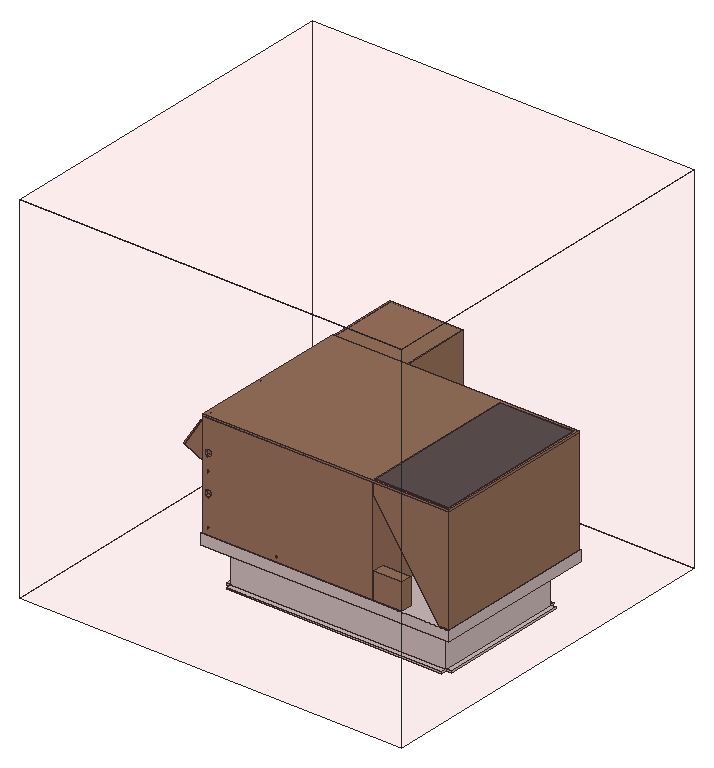
Revit family "Air_Conditioner-Package_Rooftop-End_Return Z(R,K) 6.5-7.5T,  Z(H,U,J,W, R,K) 3-5T", category Mechanical Equipment, Revit 2023
Family settings
  Round Connector Dimension = Use Radius
  Part Type = Normal
  Work Plane-Based = No
  Always vertical = Yes
  Cut with Voids When Loaded = No
  Maintain Annotation Orientation = No
  Shared = No
  Room Calculation Point = No
Parameters (values of type "3-10 Ton - Gas Heat")
  Width = 59"
  Voltage = 0 V
  URL = "http://www.johnsoncontrols.com/publish/us/en.html"
  Top Economizer Hood [instance] = yes
  Supply Fan Full Load Current = 0 A
  Supply Air Connection Width [instance] = if(Roof Curb, 21", if(Height = 42", 27 1/2", 28 1/4"))  # 21"
  Supply Air Connection Height [instance] = if(Roof Curb, 24", 18 1/4")  # 24"
  Supply Air Connection Description = "Supply Air"  # constant formula
  Slab Mount [instance] = not(Roof Curb)  # no
  Serial Number [instance] = ""
  Seasonal Energy Efficiency Rating = 80  # constant formula
  Roof Curb 8 Inch [instance] = no
  Roof Curb 14 Inch [instance] = yes
  Roof Curb [instance] = yes
  Return Air Wet Bulb Temperature [instance] = 62 °F
  Return Air Dry Bulb Temperature [instance] = 65 °F
  Return Air Connection Width [instance] = 30 11/32"
  Return Air Connection Height [instance] = 18 7/8"
  Return Air Connection Description = "Return Air"  # constant formula
  Refrigerant Charge System Two = 0.00 lbf
  Refrigerant Charge System One = 0.00 lbf
  Product Page URL = "http://www.johnsoncontrols.com/publish/us/en/products/building_efficiency/integrated_hvac_systems/Industrial___Commercial_HVAC_Equipment/single-package_units/series_10.html"
  Product Documentation Link = ""
  Power Factor = 1  # constant formula
  Power Exhaust Full Load Current = 0 A
  Outside Air Intake Hood [instance] = yes
  Outdoor Ambient Temperature [instance] = 75 °F
  Operating Weight = 0.00 lbf
  OmniClass Title = "Packaged Air Conditioners"  # constant formula
  OmniClass Number = "23.75.10.24.21.27.11"  # constant formula
  OD Fan Motor Full Load Current = 0 A
  Number of Poles = 3
  Nominal Cooling Capacity = 0.0 ton
  Nominal Air Flow = 0 CFM
  Model = "JA3ZHA2"
  Minimum Circuit Current = 0 A
  Minimum Applied Voltage = 0 V
  Maximum Overcurrent Protection = 0 A
  Maximum Applied Voltage = 0 V
  Manufacturer = "Johnson Controls, Inc."  # constant formula
  Length = 89"
  Keynote = "15700"
  Integrated Part Load Value = 0
  Height = 42"
  Gas Heating Output [instance] = 0 Btu/h
  Gas Heating Input [instance] = 0 Btu/h
  Gas Connection Radius = if(1 = 1, Gas Connection Diameter / 2, 0")  # 3/8"
  Gas Connection Diameter = 3/4"
  Gas Connection Description = "Gas Supply Connection"  # constant formula
  Frequency = 60 Hz  # constant formula
  Frame Material = Metal - JCI - Steel - Galvanized With Wood Nailer
  Frame Finish = Paint - JCI - Powder Coated - Champagne
  Filter Size and Quantity = ""
  Family Revision Date = "06/11/2010"  # constant formula
  External Static Pressure [instance] = 0.00 in-wg
  Evaporator Coil Row Count = 3  # constant formula
  Evaporator Coil Fins per Inch = 15  # constant formula
  Energy Efficiency Rating = 0
  Electrical Connection Description = "Power Wiring Connection"  # constant formula
  Economizer Hood Length = 30 11/32"
  Economizer Hood Height = if(1 = 1, (Height - 4 1/4") / 2, 0")  # 18 7/8"
  Economizer Hood Depth = 26"
  Design Supply Air Flow [instance] = 0 CFM
  Description = "Air Handling Unit, Commercial Comfort Systems, Series 10, Gas, 3-10 Ton Unit"  # constant formula
  Default Elevation = 0"
  Copyright © = "Copyright © 2008 by Johnson Controls, Inc."  # constant formula
  Convenience Outlet Voltage [instance] = if(Convenience Outlet, 120 V, 0 V)  # 120 V
  Convenience Outlet Electrical Connection Description = "Convenience Power Wiring Connection"  # constant formula
  Convenience Outlet [instance] = yes
  Condensate Drain Connection Radius = if(1 = 1, Condensate Drain Connection Diameter / 2, 0")  # 3/8"
  Compressor Maximum Continuous Current = 0 A
  CTRL Supply Connection Offset [instance] = if(Roof Curb, CTRL Supply Air Center Elevation, 18 13/16" - 1/2")  # 17 5/32"
  Curb Width = 50 1/2"
  Curb Type [instance] = Commercial_Comfort_Systems-Series_10-Johnson_Control-Curb : Roof Curb
  Curb Material = Metal - JCI - Steel - Galvanized With Wood Nailer
  Curb Length = 80 5/8"
  Curb Height [instance] = 14"
  Convenience Outlet Full Load Current = 0 A
  Controls Connection Description = "Control Wiring Connection"  # constant formula
  Condenser Fan Type = "Propeller"  # constant formula
  Condenser Fan Quantity = 2  # constant formula
  Condenser Fan Diameter = 24"  # constant formula
  Condenser Coils System Two Rows = 0
  Condenser Coils System One Rows = 0
  Condenser Coil Fins per Inch = 20  # constant formula
  Condensate Drain Connection Diameter = 3/4"
  Condensate Drain Connection Description = "Condensate Drain Connection"  # constant formula
  Compressor Type = "Recip"  # constant formula
  Compressor Running Load Current = 0 A
  Compressor Quantity = 2  # constant formula
  Compressor Locked Rotor Current = 0 A
  Clearance Top = 72"
  Clearance Right = 12"
  Clearance Left = 36"
  Clearance Front = 36"
  Clearance Bottom [instance] = if(Roof Curb, Curb Height, 0")  # 14"
  Clearance Back = 36"
  Clearance [instance] = Include Clearance : Include Clearance
  CTRL Supply Connection Angle [instance] = if(Roof Curb, 90.00°, 0.00°)  # 90.00°
  CTRL Supply Air Center Elevation [instance] = 5 5/32" + (Supply Air Connection Height / 2)  # 17 5/32"
  CTRL Supply Air Center [instance] = if(Roof Curb, 32 11/16" + Supply Air Connection Width / 2, 31 11/16" + Supply Air Connection Width / 2)  # 43 3/16"
  CTRL Elevation [instance] = if(Roof Curb, Curb Height, 0")  # 14"
  CTRL Connection Angle [instance] = if(Roof Curb, 90.00°, 0.00°)  # 90.00°
  CTRL Bottom Supply Center = 18 13/16"  # constant formula
  Bottom Economizer Hood [instance] = yes
  Assembly Code = "D3060300"
  Air Temperature On Condenser Coil [instance] = 0 °F
  Air On Evaporator Wet Bulb Temperature [instance] = 0 °F
  Air On Evaporator Flow [instance] = 0 CFM
  Actual Supply Air Flow [instance] = 0 CFM
  Actual Return Air Flow [instance] = 0 CFM
  Actual Heater Gas Flow [instance] = 0 GPM
  Actual Condensate Drain Flow [instance] = 0 GPM
Reference planes (in)
  plane 1 "Center (Front/Back)": y = 0
  plane 2 "Bottom": z = 0
  plane 3 "Center (Left/Right)": x = 0
  plane 4 "Back": y = 29.5
  plane 5 "Front": y = -29.5
  plane 6 "Left": x = -44.5
  plane 7 "Right": x = 44.5
  plane 8 "Top": z = 56
  plane 9 "Curb Top": z = 14
  plane 10 "Frame Front": y = -29
  plane 11 "Condenser Back": x = 16.6875
  plane 12 "Frame Left": x = -44
  plane 13 "Frame Back": y = 29
  plane 14 "Base Rail": z = 17.75
  plane 15 "Frame Top": z = 55.5
  plane 16 "Hood Back": y = 25.25
  plane 17 "Economizer Hood Center": z = 36.625
  plane 18 "Return Air Center": x = -28.6875
  plane 19 "Supply Air Center": x = -1.3125
  plane 20 "Bottom Supply Air Center": y = 10.6875
  plane 21 "Return Center": y = 10.07813
  plane 22 "Supply Air Center Elevation": z = 31.15625
  plane 23 "Return Air Center Elevation": z = 27.1875
  plane 24 "Hood Front": y = -5.09375
  plane 25 "Frame Left Offset": x = -43.5
Forms (in)
  Revolve 1, void, detail levels fine
    sketch origin (-1.3125, 0, 0) x (0, -1, 0) y (0, 0, 1)
      loop
        line (-10.6875, 14) -> (-10.4375, 14) -> (-10.4375, 14.25) -> (-10.6875, 14.25) -> (-10.6875, 14)
      axis (-10.6875, 14.25) -> (-10.6875, 14)
    angle from 0 to 360
  Extrusion 2, void, detail levels fine
    sketch origin (-1.3125, 0, 0) x (0, -1, 0) y (0, 0, 1)
      loop
        circle (-10.07812, 27.1875) r 0.25
    from 27.375 to 42.6875
  Extrusion 3, solid, material "Paint - JCI - Powder Coated - Champagne" <- "Frame Finish", detail levels medium+fine
    sketch origin (-43.5, 0, 0) x (0, -1, 0) y (0, 0, 1)
      loop
        line (-25.25, 55.5) -> (-25.25, 36.625) -> (5.09375, 36.625) -> (5.09375, 55.5) -> (-25.25, 55.5)
    from 0 to 0.5
Dimensions and locks (in)
  equal spacing: plane 5 "Front", plane 1 "Center (Front/Back)", plane 4 "Back"
  "Width": plane 5 "Front" to plane 4 "Back"
  equal spacing: plane 6 "Left", plane 3 "Center (Left/Right)", plane 7 "Right"
  "Length": plane 6 "Left" to plane 7 "Right"
  "CTRL Elevation": plane 9 "Curb Top" to plane 2 "Bottom"
  "Height": plane 8 "Top" to plane 9 "Curb Top"
  locked: plane 5 "Front" to plane 10 "Frame Front" at 0.5
  locked: connector elem to plane 6 "Left" at 27
  locked: plane 9 "Curb Top" to connector elem at 5.375
  locked: connector elem to plane 6 "Left" at 2.5  (x3)
  locked: plane 9 "Curb Top" to connector elem at 17.1875
  locked: plane 9 "Curb Top" to connector elem at 24.1875
  locked: plane 11 "Condenser Back" to plane 7 "Right" at 27.8125
  locked: connector elem to plane 5 "Front" at 5.75
  locked: plane 9 "Curb Top" to connector elem at 21.5625
  locked: plane 6 "Left" to plane 12 "Frame Left" at 0.5
  locked: plane 4 "Back" to plane 13 "Frame Back" at 0.5
  locked: plane 14 "Base Rail" to plane 9 "Curb Top" at 3.75
  locked: plane 4 "Back" to plane 16 "Hood Back" at 4.25
  "Economizer Hood Height": plane 17 "Economizer Hood Center" to plane 14 "Base Rail"
  "Economizer Hood Height": plane 15 "Frame Top" to plane 17 "Economizer Hood Center"
  locked: plane 6 "Left" to plane 18 "Return Air Center" at 15.8125
  "CTRL Supply Air Center": plane 6 "Left" to plane 19 "Supply Air Center"
  locked: plane 4 "Back" to plane 20 "Bottom Supply Air Center" at 18.8125
  locked: plane 4 "Back" to plane 21 "Return Center" at 19.42188
  "CTRL Supply Air Center Elevation": plane 9 "Curb Top" to plane 22 "Supply Air Center Elevation"
  "CTRL Supply Connection Offset": Revolve 1 sketch curve to Revolve 1 sketch curve
  locked: Revolve 1 sketch curve to Revolve 1 sketch curve at 0.25  (x2)
  equal spacing: plane 14 "Base Rail", plane 23 "Return Air Center Elevation", plane 17 "Economizer Hood Center"
  locked: Extrusion 2 sketch curve to plane 21 "Return Center" at 0.25
  locked: Extrusion 2 sketch curve to plane 23 "Return Air Center Elevation" at 0.25
  locked: plane 9 "Curb Top" to connector elem at 6.1875
  locked: plane 21 "Return Center" to plane 24 "Hood Front" at 15.17188
  locked: plane 12 "Frame Left" to plane 25 "Frame Left Offset" at 0.5
  "CTRL Supply Connection Angle": angle plane 22 "Supply Air Center Elevation" to Revolve 1 sketch curve
  locked: Revolve 1 sketch curve to Revolve 1 sketch curve (angle 90.00°)  (x3)
  aligned and locked: plane 1 "Center (Front/Back)" to nested 1
  aligned and locked: nested 1 to plane 9 "Curb Top"
  aligned and locked: plane 1 "Center (Front/Back)" to nested 2
  aligned and locked: plane 3 "Center (Left/Right)" to nested 2
  aligned and locked: nested 3 to plane 13 "Frame Back"
  aligned and locked: nested 3 to plane 12 "Frame Left"
  aligned and locked: plane 15 "Frame Top" to nested 3
  aligned and locked: nested 4 to plane 12 "Frame Left"
  aligned and locked: nested 5 to plane 1 "Center (Front/Back)"
  aligned and locked: nested 5 to plane 3 "Center (Left/Right)"
  aligned and locked: nested 5 to plane 9 "Curb Top"
  aligned and locked: plane 2 "Bottom" to nested 2
  aligned and locked: nested 1 to plane 6 "Left"
  aligned and locked: plane 20 "Bottom Supply Air Center" to Revolve 1 sketch curve
  aligned and locked: plane 22 "Supply Air Center Elevation" to Revolve 1 sketch curve
  aligned and locked: Revolve 1 sketch curve to Revolve 1 sketch curve  (x2)
  aligned and locked: plane 12 "Frame Left" to Extrusion 2
  aligned and locked: Extrusion 2 to plane 18 "Return Air Center"
  aligned and locked: nested 4 to plane 17 "Economizer Hood Center"
  aligned and locked: nested 4 to plane 14 "Base Rail"
  aligned and locked: plane 23 "Return Air Center Elevation" to nested 4
  aligned and locked: nested 4 to plane 21 "Return Center"
  aligned and locked: Extrusion 3 sketch curve to plane 15 "Frame Top"
  aligned and locked: plane 24 "Hood Front" to Extrusion 3 sketch curve
  aligned and locked: Extrusion 3 sketch curve to plane 17 "Economizer Hood Center"
  aligned and locked: Extrusion 3 sketch curve to plane 16 "Hood Back"
  aligned and locked: plane 12 "Frame Left" to Extrusion 3
Automatic sketch dimensions
  Extrusion 2 sketch curve to plane 23 "Return Air Center Elevation" = 0"
Nested families (in)
  nested 1: "Commercial_Comfort_Systems-Series_10-Johnson_Control-One_Condenser" at (0, 0, 14), type "One Condenser"
  nested 2: "Commercial_Comfort_Systems-Series_10-Johnson_Control-Curb" at (0, 0, 0), type <- "Curb Type", visible <- "Roof Curb", type "Roof Curb"
    with Supply Air Width 22"
  nested 3: "Commercial_Comfort_Systems-Series_10-Johnson_Control-Outdoor_Air_Hood" at (-31, 41.875, 19.75) x (-1, 0, 0) z (0, 0, 1), visible <- "Outside Air Intake Hood", type "Outdoor Air Intake Hood"
  nested 4: "Commercial_Comfort_Systems-Series_10-Johnson_Control-Hood" at (-57, 10.07813, 17.75) x (0, -1, 0) z (0, 0, 1), Hood <- "Top Economizer Hood", type "Hood"
    with Open Hole yes, No Hood no, Hood yes, Length 30 11/32"
  nested 5: "Include Clearance" at (0, 0, 14), type <- "Clearance", type "Include Clearance"
    with Width 89", Height 42", Depth 59", Clearance Top 72", Clearance Right 12", Clearance Left 36", Clearance Front 36", Clearance Bottom 14", Clearance Back 36"
Connectors (in)
  piping at (-17.5, -29, 19.375), diameter 0.75, driven by "Actual Condensate Drain Flow", driven by "Condensate Drain Connection Radius", driven by "Condensate Drain Connection Description"
    settings: index 3, connector inside diameter 3/4", connector length 0", flow factor 0, pipe flow 0 GPM, pressure drop 0.00 psi, fitting loss kfactor 0, connector angle 0.00°, fixture units 0, engagement length 0", angle of deflection 0.00°, flow configuration 1, flow direction 2, fitting loss method 0, system type 16, joint type 0, gender type 0, connector reference index -1, connector utility 0, adjustable connector yes, is connector primary yes, connector description "Condensate Drain Connection"
  electrical at (-42, -29, 31.1875), driven by "Power Factor", driven by "Voltage", driven by "Number of Poles", driven by "Electrical Connection Description"
    settings: index 4, voltage 0 V, apparent load 0 VA, apparent load phase1 0 VA, apparent load phase2 0 VA, apparent load phase3 0 VA, power factor 1, load classification "HVAC", number of poles 3, system type 30, power factor state 1, is connector primary yes, connector utility no, sub classification motor no, connector description "Power Wiring Connection"
  electrical at (-42, -29, 38.1875), driven by "Controls Connection Description"
    settings: index 5, voltage 0 V, apparent load 0 VA, apparent load phase1 0 VA, apparent load phase2 0 VA, apparent load phase3 0 VA, power factor 1, load classification "Other", number of poles 1, system type 13, power factor state 1, is connector primary no, connector utility no, sub classification motor no, connector description "Control Wiring Connection"
  piping at (16.6875, -23.75, 35.5625), diameter 0.75, driven by "Actual Heater Gas Flow", driven by "Gas Connection Radius", driven by "Gas Connection Description"
    settings: index 6, connector inside diameter 3/4", connector length 0", flow factor 0, pipe flow 0 GPM, pressure drop 0.00 psi, fitting loss kfactor 0, connector angle 0.00°, fixture units 0, engagement length 0", angle of deflection 0.00°, flow configuration 1, flow direction 1, fitting loss method 0, system type 22, joint type 0, gender type 0, connector reference index -1, connector utility 0, adjustable connector no, is connector primary no, connector description "Gas Supply Connection"
  hvac at (-1.3125, 10.6875, 14), driven by "Supply Air Connection Width", driven by "Supply Air Connection Height", driven by "Actual Supply Air Flow", driven by "Supply Air Connection Description"
    settings: on Revolve 1, index 9, duct flow 0 CFM, flow factor 0, pres drop 0.00 in-wg, loss coef 0, conn angle 0.00°, conn width 21", conn height 24", conn diameter 24", duct sys type 1, conn prof type 1, flow config 0, flow direction 1, loss method 0, conn ref index -1, conn util no, is conn primary yes, conn desc "Supply Air"
  hvac at (-44, 10.07812, 27.1875), driven by "Return Air Connection Height", driven by "Return Air Connection Width", driven by "Actual Return Air Flow", driven by "Return Air Connection Description"
    settings: on Extrusion 2, index 10, duct flow 0 CFM, flow factor 0, pres drop 0.00 in-wg, loss coef 0, conn angle 0.00°, conn width 30 11/32", conn height 18 7/8", conn diameter 24", duct sys type 2, conn prof type 1, flow config 0, flow direction 1, loss method 0, conn ref index -1, conn util no, is conn primary no, conn desc "Return Air"
  electrical at (-42, -29, 20.1875), driven by "Power Factor", driven by "Convenience Outlet Voltage", driven by "Convenience Outlet Electrical Connection Description"
    settings: index 11, voltage 120 V, apparent load 0 VA, apparent load phase1 0 VA, apparent load phase2 0 VA, apparent load phase3 0 VA, power factor 1, load classification "Power", number of poles 1, system type 30, power factor state 0, is connector primary no, connector utility no, sub classification motor no, connector description "Convenience Power Wiring Connection"
Definition of nested family "Commercial_Comfort_Systems-Series_10-Johnson_Control-One_Condenser"
  Parameters
    Width = 59"
    Side Supply Air Width = 27 1/2"
    Side Supply Air Height = 18 1/4"
    Side Supply Air = no
    Side Return Air Width = 18 1/4"
    Side Return Air Offset = 12 1/16"
    Side Return Air Height = 27 3/4"
    Side Return Air = no
    Paint Finish = none
    No Cap Side Return = yes
    Length = 89"
    Height = 42"
    Frame Material = none
    Default Elevation = 0"
    Condenser Material = none
    Cap Side Return = not(No Cap Side Return)  # no
    Bottom Supply Air Width = 21"
    Bottom Supply Air Height = 24"
    Bottom Supply Air = not(Side Supply Air)  # yes
    Bottom Return Air Width = 18"
    Bottom Return Air Height = 27 1/2"
    Bottom Return Air = not(Side Return Air)  # yes
    Assembly Code = ""
  Reference planes (in)
    plane 1 "Center (Front/Back)": y = 0
    plane 2 "Bottom": z = 0
    plane 3 "Center (Left/Right)": x = 0
    plane 4 "Back": y = 29.5
    plane 5 "Front": y = -29.5
    plane 6 "Left": x = -44.5
    plane 7 "Right": x = 44.5
    plane 8 "Top": z = 42
    plane 9 "Base Rail Top": z = 3.75
    plane 10 "Box Back": y = 29
    plane 11 "Box Left": x = -44
    plane 12 "Box Right": x = 44
    plane 13 "Box Front": y = -29
    plane 14 "Return Air Left": x = -37.6875
    plane 15 "Return Air Right": x = -19.6875
    plane 16 "Supply Air Left": x = -11.8125
    plane 17 "Supply Air Right": x = 9.1875
    plane 18 "Air Back": y = 22.6875
    plane 19 "Bottom Return Air Front": y = -4.8125
    plane 20 "Bottom Supply Air Front": y = -1.3125
    plane 21 "Frame Front": y = -28
    plane 22 "Frame Back": y = 28
    plane 23 "Frame Left": x = -43
    plane 24 "Frame Right": x = 43
    plane 25 "Supply Air Bottom": z = 5.15625
    plane 26 "Supply Air Top": z = 23.40625
    plane 27 "Back Supply Air Left": x = -12.8125
    plane 28 "Back Supply Air Right": x = 14.6875
    plane 29 "Return Air Bottom": z = 12.0625
    plane 30 "Return Air Top": z = 39.8125
    plane 31 "Back Return Air Left": x = -41.53125
    plane 32 "Back Return Air Right": x = -23.28125
    plane 33 "Condenser Left": x = 16.6875
    plane 34 "Angle Inset": x = 40.5
    plane 35 "Angle Top Inset": z = 38
    plane 36 "Right Inside Frame": x = 16.1875
    plane 37 "Frame Top": z = 41.5
    plane 38 "Big Opening Back": y = 25.25
    plane 39 "Big Opening Front": y = -5.09375
    plane 40 "Little Box Back": y = -25
    plane 41 "Little Box Right": x = 27.1875
    plane 42 "Little Box Top": z = 13
  Forms (in)
    Extrusion 1, solid, material <- "Frame Material", detail levels medium+fine
      sketch origin (0, 0, 0) x (1, 0, 0) y (0, 1, 0)
        loop
          line (-44.5, 29.5) -> (-44.5, -29.5) -> (44.5, -29.5) -> (44.5, 29.5) -> (-44.5, 29.5)
        loop
          line (-37.6875, 22.6875) -> (-37.6875, -4.8125) -> (-19.6875, -4.8125) -> (-19.6875, 22.6875) -> (-37.6875, 22.6875)
        loop
          line (-11.8125, 22.6875) -> (-11.8125, -1.3125) -> (9.1875, -1.3125) -> (9.1875, 22.6875) -> (-11.8125, 22.6875)
      from 0 to 3.75
    Extrusion 2, solid, material <- "Paint Finish", detail levels medium+fine
      sketch origin (0, 0, 0) x (1, 0, 0) y (0, 0, 1)
        loop
          line (-44, 41.5) -> (-44, 3.75) -> (16.6875, 3.75) -> (16.6875, 41.5) -> (-44, 41.5)
        loop
          line (-12.8125, 23.40625) -> (-12.8125, 5.15625) -> (14.6875, 5.15625) -> (14.6875, 23.40625) -> (-12.8125, 23.40625)
        loop
          line (-23.28125, 39.8125) -> (-41.53125, 39.8125) -> (-41.53125, 12.0625) -> (-23.28125, 12.0625) -> (-23.28125, 39.8125)
      from -29 to -28
    Extrusion 3, solid, material <- "Paint Finish", detail levels medium+fine
      sketch origin (0, 0, 0) x (1, 0, 0) y (0, 0, 1)
        loop
          line (16.6875, 41.5) -> (16.6875, 38) -> (40.5, 3.75) -> (44, 3.75) -> (44, 41.5) -> (16.6875, 41.5)
      from -29 to 29
    Extrusion 4, solid, material <- "Paint Finish", detail levels medium+fine
      sketch origin (0, 0, 0) x (1, 0, 0) y (0, 0, 1)
        loop
          line (-44, 41.5) -> (-44, 3.75) -> (16.6875, 3.75) -> (16.6875, 41.5) -> (-44, 41.5)
        loop
          circle (-42, 30.1875) r 1.25
        loop
          circle (-42, 17.1875) r 1.25
        loop
          circle (-42, 24.1875) r 0.4375
        loop
          circle (-42, 6.1875) r 0.4375
        loop
          circle (-17.5, 5.375) r 0.375
      from 28 to 29
    Extrusion 5, solid, material <- "Paint Finish", detail levels medium+fine
      sketch origin (0, 0, 0) x (0, 1, 0) y (0, 0, 1)
        loop
          line (28, 41.5) -> (25.25, 41.5) -> (25.25, 3.75) -> (28, 3.75) -> (28, 41.5)
        loop
          line (-5.09375, 41.5) -> (-28, 41.5) -> (-28, 3.75) -> (-5.09375, 3.75) -> (-5.09375, 41.5)
      from -44 to -43
    Extrusion 6, solid, material <- "Paint Finish", detail levels medium+fine
      sketch origin (0, 0, 0) x (1, 0, 0) y (0, 1, 0)
        loop
          line (-44, 29) -> (-44, -29) -> (44, -29) -> (44, 29) -> (-44, 29)
        loop
          line (16.6875, 28) -> (16.6875, -28) -> (43, -28) -> (43, 28) -> (16.6875, 28)
      from 41.5 to 42
    Extrusion 7, solid, material <- "Condenser Material", detail levels medium+fine
      sketch origin (0, 0, 0) x (1, 0, 0) y (0, 1, 0)
        loop
          line (16.6875, 28) -> (16.6875, -28) -> (43, -28) -> (43, 28) -> (16.6875, 28)
      from 41.5 to 42
    Extrusion 8, solid, material <- "Paint Finish", detail levels fine
      sketch origin (0, 0, 0) x (1, 0, 0) y (0, 0, 1)
        loop
          line (16.6875, 13) -> (16.6875, 3.75) -> (27.1875, 3.75) -> (27.1875, 13) -> (16.6875, 13)
      from 25 to 29
    Extrusion 9, solid, material <- "Paint Finish", visible <- "Cap Side Return", detail levels medium+fine
      sketch origin (0, 0, 0) x (1, 0, 0) y (0, 0, 1)
        loop
          line (-41.53125, 39.8125) -> (-41.53125, 12.0625) -> (-23.28125, 12.0625) -> (-23.28125, 39.8125) -> (-41.53125, 39.8125)
      from -29 to -28
    Extrusion 10, solid, material <- "Paint Finish", visible <- "Bottom Supply Air", detail levels medium+fine
      sketch origin (0, 0, 0) x (1, 0, 0) y (0, 0, 1)
        loop
          line (-12.8125, 23.40625) -> (-12.8125, 5.15625) -> (14.6875, 5.15625) -> (14.6875, 23.40625) -> (-12.8125, 23.40625)
      from -29 to -28
    Extrusion 11, solid, material <- "Paint Finish", detail levels medium+fine
      sketch origin (0, 0, 0) x (0, 1, 0) y (0, 0, 1)
        loop
          line (-28, 41.5) -> (-28, 3.75) -> (28, 3.75) -> (28, 41.5) -> (-28, 41.5)
        loop
          circle (-23.75, 21.5625) r 0.375
      from 16.1875 to 16.6875
  Cuts and joins
    joined: Extrusion 2, Extrusion 4, Extrusion 5, Extrusion 11
  Lines and regions (in)
    Masking region 1
      outline origin (0, 0, 0) x (1, 0, 0) y (0, 1, 0)
        loop
          line (-44.5, 29.5) -> (-44.5, -29.5) -> (44.5, -29.5) -> (44.5, 29.5) -> (-44.5, 29.5)
    Masking region 2, detail levels fine
      outline origin (0, 0, 0) x (1, 0, 0) y (0, 1, 0)
        loop
          line (-44, 29) -> (-44, -29) -> (44, -29) -> (44, 29) -> (-44, 29)
    Masking region 3, detail levels fine
      outline origin (0, 0, 0) x (1, 0, 0) y (0, 1, 0)
        loop
          line (16.6875, 28) -> (16.6875, -28) -> (43, -28) -> (43, 28) -> (16.6875, 28)
    Masking region 4
      outline origin (0, 0, 0) x (1, 0, 0) y (0, 0, 1)
        loop
          line (-44, 42) -> (-44, 3.75) -> (-44.5, 3.75) -> (-44.5, 0) -> (44.5, 0) -> (44.5, 3.75) -> (44, 3.75) -> (44, 42) -> (-44, 42)
        loop
          line (16.6875, 38) -> (16.6875, 3.75) -> (40.5, 3.75) -> (16.6875, 38)
    Masking region 5, detail levels fine
      outline origin (0, 0, 0) x (1, 0, 0) y (0, 0, 1)
        loop
          line (16.6875, 13) -> (16.6875, 3.75) -> (27.1875, 3.75) -> (27.1875, 13) -> (16.6875, 13)
    Masking region 6, visible <- "Side Return Air"
      outline origin (0, 29.5, 0) x (-1, 0, 0) y (0, 0, 1)
        loop
          line (41.53125, 39.8125) -> (23.28125, 39.8125) -> (23.28125, 12.0625) -> (41.53125, 12.0625) -> (41.53125, 39.8125)
    Masking region 7
      outline origin (0, 0, 0) x (0, 1, 0) y (0, 0, 1)
        loop
          line (-29, 42) -> (-29, 3.75) -> (-29.5, 3.75) -> (-29.5, 0) -> (29.5, 0) -> (29.5, 3.75) -> (29, 3.75) -> (29, 42) -> (-29, 42)
    Masking region 8, visible <- "Side Supply Air"
      outline origin (0, 29.5, 0) x (-1, 0, 0) y (0, 0, 1)
        loop
          line (12.8125, 23.40625) -> (-14.6875, 23.40625) -> (-14.6875, 5.15625) -> (12.8125, 5.15625) -> (12.8125, 23.40625)
    Masking region 9
      outline origin (0, -29.5, 0) x (-1, 0, 0) y (0, 0, 1)
        loop
          circle (42, 6.1875) r 0.4375
        loop
          circle (42, 17.1875) r 1.25
        loop
          circle (42, 24.1875) r 0.4375
        loop
          circle (42, 30.1875) r 1.25
        loop
          circle (17.5, 5.375) r 0.375
    symbolic lines, detail levels medium+fine
      curve 1: line (-44, 0, 3.75) -> (44, 0, 3.75)
      curve 3: line (0, -29, 3.75) -> (0, 29, 3.75)
      curve 53: line (-44.5, 0, 41.5) -> (44.5, 0, 41.5)
    symbolic lines, detail levels fine
      curve 2: line (16.6875, 0, 38) -> (16.6875, 0, 41.5)
      curve 4: line (-44.5, -5.09375, 3.75) -> (-44.5, -5.09375, 41.5)
      curve 5: line (-44.5, 25.25, 3.75) -> (-44.5, 25.25, 41.5)
      curve 6: line (0, -29, 41.5) -> (0, 29, 41.5)
    model lines, detail levels coarse
      curve 7: line (-44, 29, 42) -> (44, 29, 42)
      curve 8: line (-44, -29, 42) -> (-44, 29, 42)
      curve 9: line (44, -29, 42) -> (-44, -29, 42)
      curve 10: line (44, 29, 42) -> (44, -29, 42)
      curve 11: line (-44, 29, 3.75) -> (44, 29, 3.75)
      curve 12: line (-44, -29, 3.75) -> (-44, 29, 3.75)
      curve 13: line (44, -29, 3.75) -> (-44, -29, 3.75)
      curve 14: line (44, 29, 3.75) -> (44, -29, 3.75)
      curve 15: line (-44.5, 29.5, 3.75) -> (44.5, 29.5, 3.75)
      curve 16: line (-44.5, -29.5, 3.75) -> (-44.5, 29.5, 3.75)
      curve 17: line (44.5, -29.5, 3.75) -> (-44.5, -29.5, 3.75)
      curve 18: line (44.5, 29.5, 3.75) -> (44.5, -29.5, 3.75)
      curve 19: line (-44.5, 29.5, 0) -> (44.5, 29.5, 0)
      curve 20: line (-44.5, -29.5, 0) -> (-44.5, 29.5, 0)
      curve 21: line (44.5, -29.5, 0) -> (-44.5, -29.5, 0)
      curve 22: line (44.5, 29.5, 0) -> (44.5, -29.5, 0)
      curve 23: line (-44.5, -29.5, 0) -> (-44.5, -29.5, 3.75)
      curve 24: line (44.5, -29.5, 0) -> (44.5, -29.5, 3.75)
      curve 25: line (44.5, 29.5, 0) -> (44.5, 29.5, 3.75)
      curve 26: line (-44.5, 29.5, 0) -> (-44.5, 29.5, 3.75)
      curve 27: line (-44, -29, 3.75) -> (-44, -29, 42)
      curve 28: line (44, -29, 3.75) -> (44, -29, 42)
      curve 29: line (-44, 29, 3.75) -> (-44, 29, 42)
      curve 30: line (44, 29, 3.75) -> (44, 29, 42)
      curve 39: circle (-17.5, -29, 5.375) r 0.375 normal (0, -1, 0)
      curve 40: circle (-42, -29, 6.1875) r 0.4375 normal (0, -1, 0)
      curve 41: circle (-42, -29, 17.1875) r 1.25 normal (0, -1, 0)
      curve 42: circle (-42, -29, 24.1875) r 0.4375 normal (0, -1, 0)
      curve 43: circle (-42, -29, 30.1875) r 1.25 normal (0, -1, 0)
    model lines, visible <- "Side Return Air"
      curve 31: line (-41.53125, 29, 39.8125) -> (-23.28125, 29, 39.8125)
      curve 32: line (-41.53125, 29, 12.0625) -> (-41.53125, 29, 39.8125)
      curve 33: line (-23.28125, 29, 12.0625) -> (-41.53125, 29, 12.0625)
      curve 34: line (-23.28125, 29, 39.8125) -> (-23.28125, 29, 12.0625)
    model lines, visible <- "Side Supply Air"
      curve 35: line (-12.8125, 29, 23.40625) -> (14.6875, 29, 23.40625)
      curve 36: line (-12.8125, 29, 5.15625) -> (-12.8125, 29, 23.40625)
      curve 37: line (14.6875, 29, 5.15625) -> (-12.8125, 29, 5.15625)
      curve 38: line (14.6875, 29, 23.40625) -> (14.6875, 29, 5.15625)
    model lines
      curve 44: circle (16.6875, -23.75, 21.5625) r 0.375 normal (1, 0, 0)
    model lines, visible <- "Bottom Return Air", detail levels coarse
      curve 45: line (-37.6875, 22.6875, 0) -> (-19.6875, 22.6875, 0)
      curve 46: line (-37.6875, -4.8125, 0) -> (-37.6875, 22.6875, 0)
      curve 47: line (-19.6875, -4.8125, 0) -> (-37.6875, -4.8125, 0)
      curve 48: line (-19.6875, 22.6875, 0) -> (-19.6875, -4.8125, 0)
    model lines, visible <- "Bottom Supply Air", detail levels coarse
      curve 49: line (-11.8125, 22.6875, 0) -> (9.1875, 22.6875, 0)
      curve 50: line (-11.8125, -1.3125, 0) -> (-11.8125, 22.6875, 0)
      curve 51: line (9.1875, -1.3125, 0) -> (-11.8125, -1.3125, 0)
      curve 52: line (9.1875, 22.6875, 0) -> (9.1875, -1.3125, 0)
  Dimensions and locks (in)
    equal spacing: plane 5 "Front", plane 1 "Center (Front/Back)", plane 4 "Back"
    "Width": plane 5 "Front" to plane 4 "Back"
    equal spacing: plane 6 "Left", plane 3 "Center (Left/Right)", plane 7 "Right"
    "Length": plane 6 "Left" to plane 7 "Right"
    "Height": plane 8 "Top" to plane 2 "Bottom"
    locked: plane 9 "Base Rail Top" to plane 2 "Bottom" at 3.75
    locked: plane 6 "Left" to plane 14 "Return Air Left" at 6.8125
    "Bottom Return Air Width": plane 14 "Return Air Left" to plane 15 "Return Air Right"
    "Bottom Supply Air Width": plane 16 "Supply Air Left" to plane 17 "Supply Air Right"
    locked: plane 4 "Back" to plane 18 "Air Back" at 6.8125
    "Bottom Supply Air Height": plane 18 "Air Back" to plane 20 "Bottom Supply Air Front"
    locked: plane 5 "Front" to plane 13 "Box Front" at 0.5
    locked: plane 13 "Box Front" to plane 21 "Frame Front" at 1
    locked: plane 4 "Back" to plane 10 "Box Back" at 0.5
    locked: plane 10 "Box Back" to plane 22 "Frame Back" at 1
    locked: plane 6 "Left" to plane 11 "Box Left" at 0.5
    locked: plane 11 "Box Left" to plane 23 "Frame Left" at 1
    locked: plane 12 "Box Right" to plane 7 "Right" at 0.5
    locked: plane 24 "Frame Right" to plane 12 "Box Right" at 1
    locked: plane 25 "Supply Air Bottom" to plane 2 "Bottom" at 5.15625
    "Side Supply Air Width": plane 28 "Back Supply Air Right" to plane 27 "Back Supply Air Left"
    "Side Supply Air Height": plane 26 "Supply Air Top" to plane 25 "Supply Air Bottom"
    "Side Return Air Offset": plane 29 "Return Air Bottom" to plane 2 "Bottom"
    "Side Return Air Height": plane 30 "Return Air Top" to plane 29 "Return Air Bottom"
    locked: plane 27 "Back Supply Air Left" to plane 6 "Left" at 31.6875
    locked: plane 31 "Back Return Air Left" to plane 6 "Left" at 2.96875
    "Side Return Air Width": plane 32 "Back Return Air Right" to plane 31 "Back Return Air Left"
    locked: plane 33 "Condenser Left" to plane 7 "Right" at 27.8125
    locked: plane 34 "Angle Inset" to plane 7 "Right" at 4
    locked: plane 8 "Top" to plane 35 "Angle Top Inset" at 4
    locked: plane 36 "Right Inside Frame" to plane 33 "Condenser Left" at 0.5
    locked: plane 8 "Top" to plane 37 "Frame Top" at 0.5
    locked: plane 4 "Back" to plane 38 "Big Opening Back" at 4.25
    locked: plane 38 "Big Opening Back" to plane 39 "Big Opening Front" at 30.34375
    locked: plane 5 "Front" to plane 40 "Little Box Back" at 4.5
    locked: plane 41 "Little Box Right" to plane 33 "Condenser Left" at 10.5
    locked: plane 42 "Little Box Top" to plane 2 "Bottom" at 13
    locked: Extrusion 4 sketch curve to plane 2 "Bottom" at 5.75
    locked: Extrusion 4 sketch curve to plane 2 "Bottom" at 15.9375
    locked: Extrusion 4 sketch curve to plane 2 "Bottom" at 23.75
    locked: Extrusion 4 sketch curve to plane 2 "Bottom" at 28.9375
    locked: Extrusion 4 sketch curve to plane 6 "Left" at 1.25  (x2)
    locked: Extrusion 4 sketch curve to plane 6 "Left" at 2.0625  (x2)
    locked: Extrusion 11 sketch curve to plane 9 "Base Rail Top" at 17.4375
    plane 13 "Box Front" to Extrusion 11 sketch curve = 4 7/8"
    locked: Extrusion 4 sketch curve to plane 2 "Bottom" at 5
    locked: Extrusion 4 sketch curve to plane 6 "Left" at 26.625
    locked: Masking region 9 sketch curve to plane 2 "Bottom" at 5.75
    locked: Masking region 9 sketch curve to plane 2 "Bottom" at 15.9375
    locked: Masking region 9 sketch curve to plane 2 "Bottom" at 23.75
    locked: Masking region 9 sketch curve to plane 2 "Bottom" at 28.9375
    locked: Masking region 9 sketch curve to plane 2 "Bottom" at 5
    locked: Masking region 9 sketch curve to plane 6 "Left" at 26.625
    locked: Masking region 9 sketch curve to plane 6 "Left" at 2.0625  (x2)
    locked: Masking region 9 sketch curve to plane 6 "Left" at 1.25  (x2)
    locked: curve 40 to plane 2 "Bottom" at 5.75
    locked: curve 41 to plane 2 "Bottom" at 15.9375
    locked: curve 42 to plane 2 "Bottom" at 23.75
    locked: curve 43 to plane 2 "Bottom" at 28.9375
    locked: curve 39 to plane 6 "Left" at 26.625
    locked: curve 39 to plane 2 "Bottom" at 5
    locked: curve 40 to plane 6 "Left" at 2.0625
    locked: curve 41 to plane 6 "Left" at 1.25
    locked: curve 42 to plane 6 "Left" at 2.0625
    locked: curve 43 to plane 6 "Left" at 1.25
    locked: curve 44 to plane 2 "Bottom" at 21.1875
    locked: plane 13 "Box Front" to curve 44 at 4.875
    "Bottom Return Air Height": plane 18 "Air Back" to plane 19 "Bottom Return Air Front"
    locked: plane 6 "Left" to plane 16 "Supply Air Left" at 32.6875
    aligned and locked: plane 6 "Left" to Extrusion 1 sketch curve
    aligned and locked: Extrusion 1 sketch curve to plane 4 "Back"
    aligned and locked: plane 5 "Front" to Extrusion 1 sketch curve
    aligned and locked: plane 7 "Right" to Extrusion 1 sketch curve
    aligned and locked: Extrusion 1 to plane 2 "Bottom"
    aligned and locked: plane 9 "Base Rail Top" to Extrusion 1
    aligned and locked: plane 14 "Return Air Left" to Extrusion 1 sketch curve
    aligned and locked: plane 19 "Bottom Return Air Front" to Extrusion 1 sketch curve
    aligned and locked: Extrusion 1 sketch curve to plane 15 "Return Air Right"
    aligned and locked: Extrusion 1 sketch curve to plane 18 "Air Back"  (x2)
    aligned and locked: plane 16 "Supply Air Left" to Extrusion 1 sketch curve
    aligned and locked: plane 20 "Bottom Supply Air Front" to Extrusion 1 sketch curve
    aligned and locked: Extrusion 1 sketch curve to plane 17 "Supply Air Right"
    aligned and locked: plane 9 "Base Rail Top" to Extrusion 2 sketch curve
    aligned and locked: plane 11 "Box Left" to Extrusion 2 sketch curve
    aligned and locked: plane 29 "Return Air Bottom" to Extrusion 2 sketch curve
    aligned and locked: plane 31 "Back Return Air Left" to Extrusion 2 sketch curve
    aligned and locked: Extrusion 2 sketch curve to plane 32 "Back Return Air Right"
    aligned and locked: Extrusion 2 sketch curve to plane 30 "Return Air Top"
    aligned and locked: plane 10 "Box Back" to Extrusion 2
    aligned and locked: Extrusion 2 to plane 22 "Frame Back"
    aligned and locked: Extrusion 2 sketch curve to plane 33 "Condenser Left"
    aligned and locked: Extrusion 3 sketch curve to plane 33 "Condenser Left"
    aligned and locked: Extrusion 3 sketch curve to plane 12 "Box Right"
    aligned and locked: plane 34 "Angle Inset" to Extrusion 3 sketch curve
    aligned and locked: plane 9 "Base Rail Top" to Extrusion 3 sketch curve
    aligned and locked: plane 35 "Angle Top Inset" to Extrusion 3 sketch curve
    aligned and locked: plane 33 "Condenser Left" to Extrusion 3 sketch curve
    aligned and locked: plane 10 "Box Back" to Extrusion 3
    aligned and locked: plane 13 "Box Front" to Extrusion 3
    aligned and locked: Extrusion 2 sketch curve to plane 37 "Frame Top"
    aligned and locked: plane 9 "Base Rail Top" to Extrusion 4 sketch curve
    aligned and locked: Extrusion 4 sketch curve to plane 37 "Frame Top"
    aligned and locked: Extrusion 4 sketch curve to plane 33 "Condenser Left"
    aligned and locked: plane 11 "Box Left" to Extrusion 4 sketch curve
    aligned and locked: plane 13 "Box Front" to Extrusion 4
    aligned and locked: Extrusion 4 to plane 21 "Frame Front"
    aligned and locked: Extrusion 5 sketch curve to plane 37 "Frame Top"  (x2)
    aligned and locked: plane 9 "Base Rail Top" to Extrusion 5 sketch curve  (x2)
    aligned and locked: plane 38 "Big Opening Back" to Extrusion 5 sketch curve
    aligned and locked: Extrusion 5 sketch curve to plane 39 "Big Opening Front"
    aligned and locked: Extrusion 5 to plane 11 "Box Left"
    aligned and locked: plane 23 "Frame Left" to Extrusion 5
    aligned and locked: Extrusion 5 sketch curve to plane 21 "Frame Front"
    aligned and locked: Extrusion 5 sketch curve to plane 22 "Frame Back"
    aligned and locked: plane 11 "Box Left" to Extrusion 6 sketch curve
    aligned and locked: Extrusion 6 sketch curve to plane 13 "Box Front"
    aligned and locked: Extrusion 6 sketch curve to plane 10 "Box Back"
    aligned and locked: plane 8 "Top" to Extrusion 6
    aligned and locked: Extrusion 6 to plane 37 "Frame Top"
    aligned and locked: plane 37 "Frame Top" to Extrusion 3 sketch curve
    aligned and locked: plane 33 "Condenser Left" to Extrusion 7 sketch curve
    aligned and locked: plane 8 "Top" to Extrusion 7
    aligned and locked: Extrusion 7 to plane 37 "Frame Top"
    aligned and locked: Extrusion 7 sketch curve to plane 22 "Frame Back"
    aligned and locked: plane 24 "Frame Right" to Extrusion 7 sketch curve
    aligned and locked: Extrusion 7 sketch curve to plane 21 "Frame Front"
    aligned and locked: Extrusion 8 sketch curve to plane 42 "Little Box Top"
    aligned and locked: plane 33 "Condenser Left" to Extrusion 8 sketch curve
    aligned and locked: plane 9 "Base Rail Top" to Extrusion 8 sketch curve
    aligned and locked: Extrusion 8 sketch curve to plane 41 "Little Box Right"
    aligned and locked: plane 13 "Box Front" to Extrusion 8
    aligned and locked: Extrusion 8 to plane 40 "Little Box Back"
    aligned and locked: Masking region 1 sketch curve to plane 4 "Back"
    aligned and locked: plane 6 "Left" to Masking region 1 sketch curve
    aligned and locked: Masking region 1 sketch curve to plane 5 "Front"
    aligned and locked: plane 7 "Right" to Masking region 1 sketch curve
    aligned and locked: Masking region 2 sketch curve to plane 10 "Box Back"
    aligned and locked: plane 11 "Box Left" to Masking region 2 sketch curve
    aligned and locked: Masking region 2 sketch curve to plane 13 "Box Front"
    aligned and locked: plane 12 "Box Right" to Masking region 2 sketch curve
    aligned and locked: Masking region 3 sketch curve to plane 22 "Frame Back"
    aligned and locked: plane 33 "Condenser Left" to Masking region 3 sketch curve
    aligned and locked: plane 24 "Frame Right" to Masking region 3 sketch curve
    aligned and locked: Masking region 3 sketch curve to plane 21 "Frame Front"
    aligned and locked: Masking region 4 sketch curve to plane 8 "Top"
    aligned and locked: plane 11 "Box Left" to Masking region 4 sketch curve
    aligned and locked: plane 12 "Box Right" to Masking region 4 sketch curve
    aligned and locked: plane 7 "Right" to Masking region 4 sketch curve
    aligned and locked: plane 2 "Bottom" to Masking region 4 sketch curve
    aligned and locked: Masking region 4 sketch curve to plane 9 "Base Rail Top"
    aligned and locked: plane 35 "Angle Top Inset" to Masking region 4 sketch curve
    aligned and locked: plane 33 "Condenser Left" to Masking region 4 sketch curve  (x2)
    aligned and locked: plane 9 "Base Rail Top" to Masking region 4 sketch curve
    aligned and locked: plane 34 "Angle Inset" to Masking region 4 sketch curve
    aligned and locked: plane 11 "Box Left" to curve 1
    aligned and locked: plane 12 "Box Right" to curve 1
    aligned and locked: curve 1 to plane 9 "Base Rail Top"
    aligned and locked: plane 37 "Frame Top" to curve 2
    aligned and locked: plane 35 "Angle Top Inset" to curve 2
    aligned and locked: plane 33 "Condenser Left" to curve 2
    aligned and locked: plane 9 "Base Rail Top" to Masking region 5 sketch curve
    aligned and locked: Masking region 5 sketch curve to plane 41 "Little Box Right"
    aligned and locked: Masking region 5 sketch curve to plane 42 "Little Box Top"
    aligned and locked: plane 33 "Condenser Left" to Masking region 5 sketch curve
    aligned and locked: plane 29 "Return Air Bottom" to Masking region 6 sketch curve
    aligned and locked: Masking region 6 sketch curve to plane 32 "Back Return Air Right"
    aligned and locked: plane 31 "Back Return Air Left" to Masking region 6 sketch curve
    aligned and locked: Masking region 6 sketch curve to plane 30 "Return Air Top"
    aligned and locked: Masking region 7 sketch curve to plane 9 "Base Rail Top"
    aligned and locked: Masking region 7 sketch curve to plane 5 "Front"
    aligned and locked: Masking region 7 sketch curve to plane 4 "Back"
    aligned and locked: plane 2 "Bottom" to Masking region 7 sketch curve
    aligned and locked: Masking region 7 sketch curve to plane 10 "Box Back"
    aligned and locked: Masking region 7 sketch curve to plane 13 "Box Front"
    aligned and locked: Masking region 7 sketch curve to plane 8 "Top"
    aligned and locked: plane 13 "Box Front" to curve 3
    aligned and locked: plane 10 "Box Back" to curve 3
    aligned and locked: curve 3 to plane 9 "Base Rail Top"
    aligned and locked: plane 37 "Frame Top" to curve 4
    aligned and locked: plane 37 "Frame Top" to curve 5
    aligned and locked: plane 9 "Base Rail Top" to curve 5
    aligned and locked: plane 9 "Base Rail Top" to curve 4
    aligned and locked: plane 39 "Big Opening Front" to curve 4
    aligned and locked: plane 38 "Big Opening Back" to curve 5
    aligned and locked: plane 13 "Box Front" to curve 6
    aligned and locked: plane 10 "Box Back" to curve 6
    aligned and locked: curve 6 to plane 37 "Frame Top"
    aligned and locked: Extrusion 6 sketch curve to plane 22 "Frame Back"
    aligned and locked: plane 24 "Frame Right" to Extrusion 6 sketch curve
    aligned and locked: Extrusion 6 sketch curve to plane 21 "Frame Front"
    aligned and locked: plane 33 "Condenser Left" to Extrusion 6 sketch curve
    aligned and locked: Extrusion 9 sketch curve to plane 30 "Return Air Top"
    aligned and locked: Extrusion 9 sketch curve to plane 32 "Back Return Air Right"
    aligned and locked: plane 31 "Back Return Air Left" to Extrusion 9 sketch curve
    aligned and locked: plane 29 "Return Air Bottom" to Extrusion 9 sketch curve
    aligned and locked: plane 10 "Box Back" to Extrusion 9
    aligned and locked: Extrusion 9 to plane 22 "Frame Back"
    aligned and locked: plane 27 "Back Supply Air Left" to Extrusion 10 sketch curve
    aligned and locked: Extrusion 10 sketch curve to plane 26 "Supply Air Top"
    aligned and locked: plane 25 "Supply Air Bottom" to Extrusion 10 sketch curve
    aligned and locked: Extrusion 10 sketch curve to plane 28 "Back Supply Air Right"
    aligned and locked: plane 10 "Box Back" to Extrusion 10
    aligned and locked: Extrusion 10 to plane 22 "Frame Back"
    aligned and locked: plane 25 "Supply Air Bottom" to Masking region 8 sketch curve
    aligned and locked: Masking region 8 sketch curve to plane 28 "Back Supply Air Right"
    aligned and locked: Masking region 8 sketch curve to plane 26 "Supply Air Top"
    aligned and locked: plane 27 "Back Supply Air Left" to Masking region 8 sketch curve
    aligned and locked: plane 11 "Box Left" to curve 8
    aligned and locked: curve 7 to plane 10 "Box Back"
    aligned and locked: plane 12 "Box Right" to curve 10
    aligned and locked: curve 9 to plane 13 "Box Front"
    aligned and locked: plane 11 "Box Left" to curve 12
    aligned and locked: curve 11 to plane 10 "Box Back"
    aligned and locked: plane 12 "Box Right" to curve 14
    aligned and locked: curve 13 to plane 13 "Box Front"
    aligned and locked: curve 17 to plane 5 "Front"
    aligned and locked: plane 7 "Right" to curve 18
    aligned and locked: plane 6 "Left" to curve 16
    aligned and locked: curve 15 to plane 4 "Back"
    aligned and locked: curve 19 to plane 4 "Back"
    aligned and locked: plane 6 "Left" to curve 20
    aligned and locked: curve 21 to plane 5 "Front"
    aligned and locked: plane 7 "Right" to curve 22
    aligned and locked: plane 9 "Base Rail Top" to curve 26
    aligned and locked: plane 9 "Base Rail Top" to curve 23
    aligned and locked: plane 2 "Bottom" to curve 26
    aligned and locked: plane 2 "Bottom" to curve 23
    aligned and locked: plane 6 "Left" to curve 23
    aligned and locked: plane 6 "Left" to curve 26
    aligned and locked: plane 9 "Base Rail Top" to curve 25
    aligned and locked: plane 9 "Base Rail Top" to curve 24
    aligned and locked: plane 2 "Bottom" to curve 25
    aligned and locked: plane 2 "Bottom" to curve 24
    aligned and locked: curve 24 to plane 7 "Right"
    aligned and locked: curve 25 to plane 7 "Right"
    aligned and locked: plane 8 "Top" to curve 29
    aligned and locked: plane 8 "Top" to curve 27
    aligned and locked: plane 8 "Top" to curve 30
    aligned and locked: plane 8 "Top" to curve 28
    aligned and locked: plane 9 "Base Rail Top" to curve 29
    aligned and locked: plane 9 "Base Rail Top" to curve 27
    aligned and locked: plane 9 "Base Rail Top" to curve 30
    aligned and locked: plane 9 "Base Rail Top" to curve 28
    aligned and locked: curve 28 to plane 12 "Box Right"
    aligned and locked: curve 30 to plane 12 "Box Right"
    aligned and locked: plane 11 "Box Left" to curve 27
    aligned and locked: plane 11 "Box Left" to curve 29
    aligned and locked: Extrusion 11 sketch curve to plane 21 "Frame Front"
    aligned and locked: Extrusion 11 sketch curve to plane 37 "Frame Top"
    aligned and locked: Extrusion 11 sketch curve to plane 22 "Frame Back"
    aligned and locked: plane 9 "Base Rail Top" to Extrusion 11 sketch curve
    aligned and locked: plane 33 "Condenser Left" to Extrusion 11
    aligned and locked: Extrusion 11 to plane 36 "Right Inside Frame"
    aligned and locked: curve 31 to plane 30 "Return Air Top"
    aligned and locked: plane 31 "Back Return Air Left" to curve 32
    aligned and locked: plane 29 "Return Air Bottom" to curve 33
    aligned and locked: curve 34 to plane 32 "Back Return Air Right"
    aligned and locked: plane 27 "Back Supply Air Left" to curve 36
    aligned and locked: curve 35 to plane 26 "Supply Air Top"
    aligned and locked: curve 38 to plane 28 "Back Supply Air Right"
    aligned and locked: plane 25 "Supply Air Bottom" to curve 37
    aligned and locked: curve 45 to plane 18 "Air Back"
    aligned and locked: curve 48 to plane 15 "Return Air Right"
    aligned and locked: plane 14 "Return Air Left" to curve 46
    aligned and locked: plane 19 "Bottom Return Air Front" to curve 47
    aligned and locked: plane 20 "Bottom Supply Air Front" to curve 51
    aligned and locked: plane 16 "Supply Air Left" to curve 50
    aligned and locked: curve 52 to plane 17 "Supply Air Right"
    aligned and locked: curve 49 to plane 18 "Air Back"
    aligned and locked: plane 6 "Left" to curve 53
    aligned and locked: plane 7 "Right" to curve 53
    aligned and locked: curve 53 to plane 37 "Frame Top"
    aligned and locked: plane 27 "Back Supply Air Left" to Extrusion 2 sketch curve
    aligned and locked: Extrusion 2 sketch curve to plane 26 "Supply Air Top"
    aligned and locked: Extrusion 2 sketch curve to plane 28 "Back Supply Air Right"
    aligned and locked: plane 25 "Supply Air Bottom" to Extrusion 2 sketch curve
    aligned and locked: Extrusion 6 sketch curve to plane 12 "Box Right"
  Automatic sketch dimensions
    Masking region 4 sketch curve to plane 6 "Left" = 0"
    Masking region 4 sketch curve to plane 9 "Base Rail Top" = 0"
    Masking region 7 sketch curve to plane 9 "Base Rail Top" = 0"
    Extrusion 4 sketch curve to plane 31 "Back Return Air Left" = 15/32"  (x4)
    plane 25 "Supply Air Bottom" to Extrusion 4 sketch curve = 7/32"
    plane 25 "Supply Air Bottom" to Masking region 9 sketch curve = 7/32"
    Masking region 9 sketch curve to plane 31 "Back Return Air Left" = 15/32"  (x4)
    curve 39 to plane 25 "Supply Air Bottom" = 7/32"
    plane 31 "Back Return Air Left" to curve 43 = 15/32"
    plane 31 "Back Return Air Left" to curve 41 = 15/32"
    Extrusion 11 sketch curve to plane 40 "Little Box Back" = 1 1/4"
    radius of curve 42 = 7/16"
    radius of curve 40 = 7/16"
    radius of curve 44 = 3/8"
Definition of nested family "Commercial_Comfort_Systems-Series_10-Johnson_Control-Curb"
  Parameters
    Width = 50 1/2"
    Supply Air Width = 20"
    Supply Air Height = 30"
    Return Air Width = 20"
    Return Air Height = 30"
    Model = "Curb"  # constant formula
    Manufacturer = "Johnson Controls, Inc."  # constant formula
    Length = 80 5/8"
    Height = 14"
    Frame Material = none
    Default Elevation = 0"
    Assembly Code = ""
  Reference planes (in)
    plane 1 "Center (Front/Back)": y = 0
    plane 2 "Bottom": z = 0
    plane 3 "Center (Left/Right)": x = 0
    plane 4 "Back": y = 25.25
    plane 5 "Front": y = -25.25
    plane 6 "Left": x = -40.3125
    plane 7 "Right": x = 40.3125
    plane 8 "Frame Thickness Left": x = -38.5625
    plane 9 "Frame Thickness Back": y = 23.5
    plane 10 "Frame Back": y = 23.25
    plane 11 "Frame Left": x = -38.3125
    plane 12 "Frame Front": y = -23.25
    plane 13 "Frame Right": x = 38.3125
    plane 14 "Return Air Right": x = -18.3125
    plane 15 "Supply Air Left": x = -12.3125
    plane 16 "Supply Air Right": x = 7.6875
    plane 17 "Return Air Front": y = -6.75
    plane 18 "Supply Air Front": y = -6.75
    plane 19 "Top": z = 14
    plane 20 "Lip Bottom": z = 12
    plane 21 "Flange Top": z = 0.5
  Forms (in)
    Extrusion 1, solid, material <- "Frame Material", detail levels medium+fine
      sketch origin (0, 0, 0) x (1, 0, 0) y (0, 1, 0)
        loop
          line (-38.5625, 23.5) -> (-38.5625, -23.25) -> (38.3125, -23.25) -> (38.3125, 23.5) -> (-38.5625, 23.5)
        loop
          line (-38.3125, 23.25) -> (-38.3125, -6.75) -> (-18.3125, -6.75) -> (-18.3125, 23.25) -> (-38.3125, 23.25)
        loop
          line (-12.3125, 23.25) -> (-12.3125, -6.75) -> (7.6875, -6.75) -> (7.6875, 23.25) -> (-12.3125, 23.25)
      from 0 to 14
    Extrusion 2, solid, material <- "Frame Material", detail levels medium+fine
      sketch origin (0, 0, 0) x (1, 0, 0) y (0, 1, 0)
        loop
          line (-40.3125, 25.25) -> (-40.3125, -25.25) -> (40.3125, -25.25) -> (40.3125, 25.25) -> (-40.3125, 25.25)
        loop
          line (-38.5625, 23.5) -> (-38.5625, -23.25) -> (38.3125, -23.25) -> (38.3125, 23.5) -> (-38.5625, 23.5)
      from 12 to 14
    Extrusion 3, solid, material <- "Frame Material", detail levels fine
      sketch origin (0, 0, 0) x (1, 0, 0) y (0, 1, 0)
        loop
          line (-40.3125, 23.5) -> (-40.3125, -23.25) -> (-38.5625, -23.25) -> (-38.5625, 23.5) -> (-40.3125, 23.5)
        loop
          line (38.3125, 23.5) -> (38.3125, -23.25) -> (40.3125, -23.25) -> (40.3125, 23.5) -> (38.3125, 23.5)
      from 0 to 0.5
    Extrusion 4, solid, material <- "Frame Material", detail levels fine
      sketch origin (0, 0, 0) x (1, 0, 0) y (0, 1, 0)
        loop
          line (-38.5625, 25.25) -> (-38.5625, 23.5) -> (38.3125, 23.5) -> (38.3125, 25.25) -> (-38.5625, 25.25)
        loop
          line (-38.5625, -23.25) -> (-38.5625, -25.25) -> (38.3125, -25.25) -> (38.3125, -23.25) -> (-38.5625, -23.25)
      from 0 to 0.5
  Cuts and joins
    joined: Extrusion 1, Extrusion 2
  Lines and regions (in)
    Masking region 1
      outline origin (0, 0, 0) x (1, 0, 0) y (0, 0, 1)
        loop
          line (-40.3125, 14) -> (-40.3125, 12) -> (-38.5625, 12) -> (-38.5625, 0) -> (38.3125, 0) -> (38.3125, 12) -> (40.3125, 12) -> (40.3125, 14) -> (-40.3125, 14)
    Masking region 2, detail levels fine
      outline origin (0, 0, 0) x (1, 0, 0) y (0, 0, 1)
        loop
          line (-40.3125, 0.5) -> (-40.3125, 0) -> (-38.5625, 0) -> (-38.5625, 0.5) -> (-40.3125, 0.5)
        loop
          line (38.3125, 0.5) -> (38.3125, 0) -> (40.3125, 0) -> (40.3125, 0.5) -> (38.3125, 0.5)
    Masking region 3
      outline origin (0, 0, 0) x (0, 1, 0) y (0, 0, 1)
        loop
          line (-25.25, 14) -> (-25.25, 12) -> (-23.25, 12) -> (-23.25, 0) -> (23.5, 0) -> (23.5, 12) -> (25.25, 12) -> (25.25, 14) -> (-25.25, 14)
    Masking region 4, detail levels medium+fine
      outline origin (0, 0, 0) x (0, 1, 0) y (0, 0, 1)
        loop
          line (-25.25, 0.5) -> (-25.25, 0) -> (-23.25, 0) -> (-23.25, 0.5) -> (-25.25, 0.5)
        loop
          line (23.5, 0.5) -> (23.5, 0) -> (25.25, 0) -> (25.25, 0.5) -> (23.5, 0.5)
    model lines, detail levels coarse
      curve 1: line (-40.3125, 25.25, 14) -> (40.3125, 25.25, 14)
      curve 2: line (-40.3125, -25.25, 14) -> (-40.3125, 25.25, 14)
      curve 3: line (40.3125, -25.25, 14) -> (-40.3125, -25.25, 14)
      curve 4: line (40.3125, 25.25, 14) -> (40.3125, -25.25, 14)
      curve 5: line (-40.3125, 25.25, 12) -> (40.3125, 25.25, 12)
      curve 6: line (-40.3125, -25.25, 12) -> (-40.3125, 25.25, 12)
      curve 7: line (40.3125, -25.25, 12) -> (-40.3125, -25.25, 12)
      curve 8: line (40.3125, 25.25, 12) -> (40.3125, -25.25, 12)
      curve 9: line (-38.5625, 23.5, 12) -> (38.3125, 23.5, 12)
      curve 10: line (-38.5625, -23.25, 12) -> (-38.5625, 23.5, 12)
      curve 11: line (38.3125, -23.25, 12) -> (-38.5625, -23.25, 12)
      curve 12: line (38.3125, 23.5, 12) -> (38.3125, -23.25, 12)
      curve 13: line (-38.5625, 23.5, 0.5) -> (38.3125, 23.5, 0.5)
      curve 14: line (-38.5625, -23.25, 0.5) -> (-38.5625, 23.5, 0.5)
      curve 15: line (38.3125, -23.25, 0.5) -> (-38.5625, -23.25, 0.5)
      curve 16: line (38.3125, 23.5, 0.5) -> (38.3125, -23.25, 0.5)
      curve 26: line (-40.3125, 25.25, 12) -> (-40.3125, 25.25, 14)
      curve 27: line (-40.3125, -25.25, 12) -> (-40.3125, -25.25, 14)
      curve 30: line (40.3125, -25.25, 12) -> (40.3125, -25.25, 14)
      curve 31: line (40.3125, 25.25, 12) -> (40.3125, 25.25, 14)
      curve 33: line (38.3125, 23.5, 0.5) -> (38.3125, 23.5, 12)
      curve 34: line (-38.5625, 23.5, 0.5) -> (-38.5625, 23.5, 12)
      curve 35: line (-38.5625, -23.25, 0.5) -> (-38.5625, -23.25, 12)
      curve 36: line (38.3125, -23.25, 0.5) -> (38.3125, -23.25, 12)
    model lines, detail levels medium
      curve 17: line (-40.3125, 25.25, 0.5) -> (40.3125, 25.25, 0.5)
      curve 18: line (-40.3125, -25.25, 0.5) -> (-40.3125, 25.25, 0.5)
      curve 19: line (40.3125, -25.25, 0.5) -> (-40.3125, -25.25, 0.5)
      curve 20: line (40.3125, 25.25, 0.5) -> (40.3125, -25.25, 0.5)
      curve 21: line (-40.3125, 25.25, 0) -> (40.3125, 25.25, 0)
      curve 22: line (-40.3125, -25.25, 0) -> (-40.3125, 25.25, 0)
      curve 23: line (40.3125, -25.25, 0) -> (-40.3125, -25.25, 0)
      curve 24: line (40.3125, 25.25, 0) -> (40.3125, -25.25, 0)
      curve 25: line (-40.3125, 25.25, 0) -> (-40.3125, 25.25, 0.5)
      curve 28: line (-40.3125, -25.25, 0) -> (-40.3125, -25.25, 0.5)
      curve 29: line (40.3125, -25.25, 0) -> (40.3125, -25.25, 0.5)
      curve 32: line (40.3125, 25.25, 0) -> (40.3125, 25.25, 0.5)
    symbolic lines, detail levels medium+fine
      curve 37: line (-38.5625, 0, 0.5) -> (38.3125, 0, 0.5)
    symbolic lines, detail levels fine
      curve 38: line (0, -23.25, 0.5) -> (0, 23.5, 0.5)
    symbolic lines
      curve 39: line (-38.5625, 0, 12) -> (38.3125, 0, 12)
      curve 40: line (0, -23.25, 12) -> (0, 23.5, 12)
  Dimensions and locks (in)
    equal spacing: plane 5 "Front", plane 1 "Center (Front/Back)", plane 4 "Back"
    "Width": plane 5 "Front" to plane 4 "Back"
    equal spacing: plane 6 "Left", plane 3 "Center (Left/Right)", plane 7 "Right"
    "Length": plane 6 "Left" to plane 7 "Right"
    locked: plane 6 "Left" to plane 11 "Frame Left" at 2
    locked: plane 8 "Frame Thickness Left" to plane 11 "Frame Left" at 0.25
    locked: plane 13 "Frame Right" to plane 7 "Right" at 2
    locked: plane 4 "Back" to plane 10 "Frame Back" at 2
    locked: plane 9 "Frame Thickness Back" to plane 10 "Frame Back" at 0.25
    locked: plane 5 "Front" to plane 12 "Frame Front" at 2
    "Return Air Width": plane 11 "Frame Left" to plane 14 "Return Air Right"
    locked: plane 14 "Return Air Right" to plane 15 "Supply Air Left" at 6
    "Supply Air Width": plane 15 "Supply Air Left" to plane 16 "Supply Air Right"
    "Return Air Height": plane 10 "Frame Back" to plane 17 "Return Air Front"
    "Supply Air Height": plane 10 "Frame Back" to plane 18 "Supply Air Front"
    "Height": plane 19 "Top" to plane 2 "Bottom"
    locked: plane 19 "Top" to plane 20 "Lip Bottom" at 2
    locked: plane 21 "Flange Top" to plane 2 "Bottom" at 0.5
    aligned and locked: Extrusion 1 sketch curve to plane 9 "Frame Thickness Back"
    aligned and locked: Extrusion 1 sketch curve to plane 8 "Frame Thickness Left"
    aligned and locked: Extrusion 1 sketch curve to plane 12 "Frame Front"
    aligned and locked: Extrusion 1 sketch curve to plane 13 "Frame Right"
    aligned and locked: Extrusion 1 sketch curve to plane 10 "Frame Back"  (x2)
    aligned and locked: Extrusion 1 sketch curve to plane 11 "Frame Left"
    aligned and locked: plane 14 "Return Air Right" to Extrusion 1 sketch curve
    aligned and locked: Extrusion 1 sketch curve to plane 15 "Supply Air Left"
    aligned and locked: plane 17 "Return Air Front" to Extrusion 1 sketch curve
    aligned and locked: plane 18 "Supply Air Front" to Extrusion 1 sketch curve
    aligned and locked: plane 16 "Supply Air Right" to Extrusion 1 sketch curve
    aligned and locked: plane 19 "Top" to Extrusion 1
    aligned and locked: Extrusion 1 to plane 2 "Bottom"
    aligned and locked: Extrusion 2 sketch curve to plane 9 "Frame Thickness Back"
    aligned and locked: Extrusion 2 sketch curve to plane 13 "Frame Right"
    aligned and locked: Extrusion 2 sketch curve to plane 8 "Frame Thickness Left"
    aligned and locked: Extrusion 2 sketch curve to plane 12 "Frame Front"
    aligned and locked: Extrusion 2 sketch curve to plane 5 "Front"
    aligned and locked: Extrusion 2 sketch curve to plane 6 "Left"
    aligned and locked: Extrusion 2 sketch curve to plane 7 "Right"
    aligned and locked: Extrusion 2 sketch curve to plane 4 "Back"
    aligned and locked: plane 19 "Top" to Extrusion 2
    aligned and locked: Extrusion 2 to plane 20 "Lip Bottom"
    aligned and locked: Extrusion 3 sketch curve to plane 9 "Frame Thickness Back"  (x2)
    aligned and locked: Extrusion 3 sketch curve to plane 12 "Frame Front"  (x2)
    aligned and locked: plane 8 "Frame Thickness Left" to Extrusion 3 sketch curve
    aligned and locked: Extrusion 3 sketch curve to plane 6 "Left"
    aligned and locked: plane 13 "Frame Right" to Extrusion 3 sketch curve
    aligned and locked: Extrusion 3 sketch curve to plane 7 "Right"
    aligned and locked: Extrusion 3 to plane 2 "Bottom"
    aligned and locked: plane 21 "Flange Top" to Extrusion 3
    aligned and locked: Extrusion 4 sketch curve to plane 8 "Frame Thickness Left"  (x2)
    aligned and locked: plane 9 "Frame Thickness Back" to Extrusion 4 sketch curve
    aligned and locked: Extrusion 4 sketch curve to plane 13 "Frame Right"  (x2)
